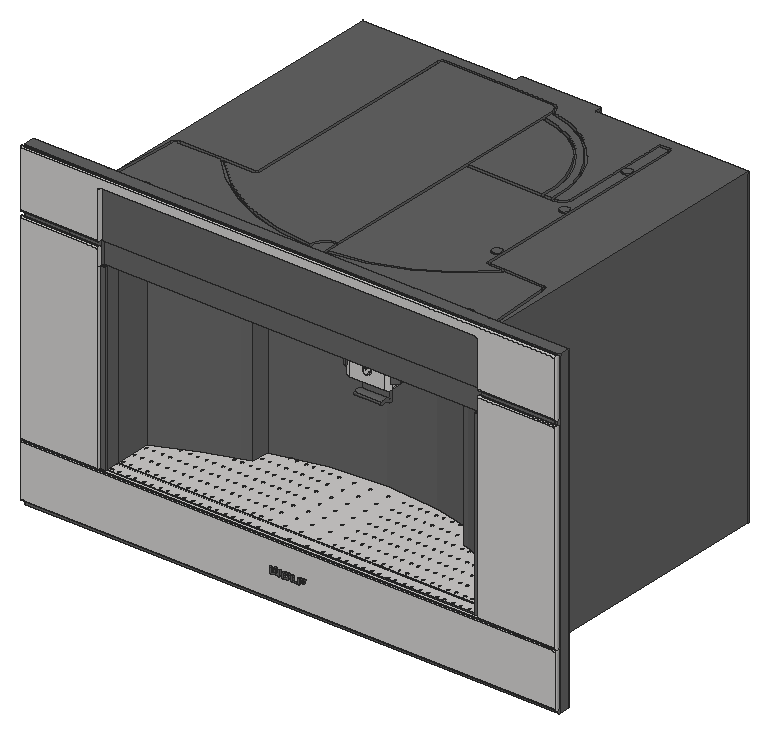
Revit family "EC3050TM", category Specialty Equipment, Revit 2017
Family settings
  Round Connector Dimension = Use Diameter
  Part Type = Normal
  OmniClass Number = 23.40.40.11.21
  OmniClass Title = Hot Cabinets
  Work Plane-Based = No
  Always vertical = Yes
  Cut with Voids When Loaded = No
  Shared = No
  Room Calculation Point = No
Parameters (values of type "EC3050TM")
  URL = "http://www.yepsketch.com"
  Model = "EC3050TM"
  Manufacturer = "Subzero Wolf"
  Author = "Yepsketch"
  Assembly Code = "E1090320"
Reference planes (in)
  plane 1 "Center (Front/Back)": y = 0
  plane 2: z = 0
  plane 3 "Center (Left/Right)": x = 0
Forms (in)
  Extrusion 1, solid, material "Thermoplastic Resin"
    sketch origin (0, 0, 0) x (1, 0, 0) y (0, 1, 0)
      loop
        line (-10.56417, 11.49096) -> (-10.56417, -6.19009) -> (10.89149, -6.19009) -> (10.89149, 11.48176)
        arc (10.89149, 11.48176) -> (10.88186, 11.505) -> (10.85861, 11.51463) r 0.03287
        line (10.85861, 11.51463) -> (2.4247, 11.51463)
        arc (2.4247, 11.51463) -> (2.39736, 11.52596) -> (2.38603, 11.5533) r 0.03867
        line (2.38603, 11.5533) -> (2.38603, 11.83137)
        arc (2.38603, 11.83137) -> (2.36087, 11.89211) -> (2.30014, 11.91727) r 0.08589
        line (2.30014, 11.91727) -> (-2.01654, 11.91727)
        arc (-2.01654, 11.91727) -> (-2.04636, 11.90491) -> (-2.05872, 11.87508) r 0.04218
        line (-2.05872, 11.87508) -> (-2.05872, 11.54377)
        arc (-2.05872, 11.54377) -> (-2.06741, 11.5228) -> (-2.08838, 11.51412) r 0.02966
        line (-2.08838, 11.51412) -> (-10.54102, 11.51412)
        arc (-10.54102, 11.51412) -> (-10.55739, 11.50733) -> (-10.56417, 11.49096) r 0.02316
    from 0 to 17.50389
  Extrusion 2, solid
    sketch origin (0, 0, 0) x (1, 0, 0) y (0, 1, 0)
      loop
        arc (-14.69217, -6.15193) -> (-14.72116, -6.16394) -> (-14.73318, -6.19294) r 0.04101
        line (-14.73318, -6.19294) -> (-14.73318, -6.74089)
        arc (-14.73318, -6.74089) -> (-14.70711, -6.80383) -> (-14.64418, -6.82989) r 0.089
        line (-14.64418, -6.82989) -> (-12.16097, -6.82989) -> (-12.16097, -6.86238) -> (14.81081, -6.86238) -> (14.81081, -6.82989) -> (14.97149, -6.82989)
        arc (14.97149, -6.82989) -> (15.03442, -6.80383) -> (15.06049, -6.74089) r 0.089
        line (15.06049, -6.74089) -> (15.06049, -6.20194)
        arc (15.06049, -6.20194) -> (15.04584, -6.16657) -> (15.01047, -6.15193) r 0.05001
        line (15.01047, -6.15193) -> (-14.69217, -6.15193)
    from 0 to 17.89035
  Extrusion 3, solid, material "Stainless Steel, Brushed"
    sketch origin (0, 0, 0) x (0, 1, 0) y (0, 0, 1)
      loop
        line (-6.97925, 17.8877) -> (-6.97925, 17.92118) -> (-7.06177, 17.92118)
        arc (-7.06177, 17.92118) -> (-7.10666, 17.90259) -> (-7.12525, 17.8577) r 0.06348
        line (-7.12525, 17.8577) -> (-7.12525, 14.7687)
        arc (-7.12525, 14.7687) -> (-7.10768, 14.72628) -> (-7.06525, 14.7087) r 0.06
        line (-7.06525, 14.7087) -> (-6.97925, 14.7087) -> (-6.97925, 14.741)
        arc (-6.97925, 14.741) -> (-6.92582, 14.75199) -> (-6.88306, 14.78586) r 0.11786
        line (-6.88306, 14.78586) -> (-6.88306, 17.79151)
        arc (-6.88306, 17.79151) -> (-6.91124, 17.85953) -> (-6.97925, 17.8877) r 0.09619
    from -14.76984 to 15.10791
  Extrusion 4, solid, material "Stainless Steel, Brushed"
    sketch origin (0, 0, -3.4915) x (0, 1, 0) y (0, 0, 1)
      loop
        line (-6.97925, 17.8877) -> (-6.97925, 17.92118) -> (-7.06177, 17.92118)
        arc (-7.06177, 17.92118) -> (-7.10666, 17.90259) -> (-7.12525, 17.8577) r 0.06348
        line (-7.12525, 17.8577) -> (-7.12525, 6.86508)
        arc (-7.12525, 6.86508) -> (-7.10768, 6.82266) -> (-7.06525, 6.80508) r 0.06
        line (-7.06525, 6.80508) -> (-6.97925, 6.80508) -> (-6.97925, 6.83738)
        arc (-6.97925, 6.83738) -> (-6.92582, 6.84837) -> (-6.88306, 6.88224) r 0.11786
        line (-6.88306, 6.88224) -> (-6.88306, 17.79151)
        arc (-6.88306, 17.79151) -> (-6.91124, 17.85953) -> (-6.97925, 17.8877) r 0.09619
    from -14.76984 to 15.10791
  Extrusion 5, solid, material "Stainless Steel, Brushed"
    sketch origin (0, 0, -14.65955) x (0, 1, 0) y (0, 0, 1)
      loop
        line (-6.97925, 17.8877) -> (-6.97925, 17.92118) -> (-7.03893, 17.92118)
        arc (-7.03893, 17.92118) -> (-7.08382, 17.90259) -> (-7.10241, 17.8577) r 0.06348
        line (-7.10241, 17.8577) -> (-7.10241, 14.98643)
        arc (-7.10241, 14.98643) -> (-7.08484, 14.944) -> (-7.04241, 14.92643) r 0.06
        line (-7.04241, 14.92643) -> (-6.97925, 14.92643) -> (-6.97925, 14.95872)
        arc (-6.97925, 14.95872) -> (-6.92582, 14.96971) -> (-6.88306, 15.00358) r 0.11786
        line (-6.88306, 15.00358) -> (-6.88306, 17.79151)
        arc (-6.88306, 17.79151) -> (-6.91124, 17.85953) -> (-6.97925, 17.8877) r 0.09619
    from -14.76984 to 15.10791
  Extrusion 6, solid
    sketch origin (0, 0, 0) x (1, 0, 0) y (0, 0, 1)
      loop
        line (-0.78338, 1.93507) -> (-0.78338, 1.6486)
        arc (-0.78338, 1.6486) -> (-0.76479, 1.60964) -> (-0.7228, 1.59961) r 0.05011
        arc (-0.7228, 1.59961) -> (-0.61616, 1.62639) -> (-0.5079, 1.64558) r 1.55626
        arc (-0.5079, 1.64558) -> (-0.40084, 1.6278) -> (-0.2958, 1.60049) r 1.20968
        arc (-0.2958, 1.60049) -> (-0.25018, 1.60972) -> (-0.23318, 1.65304) r 0.04866
        line (-0.23318, 1.65304) -> (-0.23318, 1.93125)
        arc (-0.23318, 1.93125) -> (-0.31238, 1.89844) -> (-0.34519, 1.81924) r 0.11201
        line (-0.34519, 1.81924) -> (-0.34519, 1.70699)
        arc (-0.34519, 1.70699) -> (-0.35261, 1.68908) -> (-0.37053, 1.68166) r 0.02534
        arc (-0.37053, 1.68166) -> (-0.43864, 1.69691) -> (-0.5079, 1.70549) r 0.72005
        arc (-0.5079, 1.70549) -> (-0.57894, 1.69799) -> (-0.64803, 1.67986) r 0.47224
        arc (-0.64803, 1.67986) -> (-0.6643, 1.6866) -> (-0.67104, 1.70287) r 0.02301
        line (-0.67104, 1.70287) -> (-0.67104, 1.82273)
        arc (-0.67104, 1.82273) -> (-0.70394, 1.90217) -> (-0.78338, 1.93507) r 0.11235
      loop
        arc (-0.56557, 1.90748) -> (-0.5872, 1.89239) -> (-0.60229, 1.87076) r 0.07521
        arc (-0.60229, 1.87076) -> (-0.59345, 1.78059) -> (-0.51043, 1.74433) r 0.08951
        arc (-0.51043, 1.74433) -> (-0.47511, 1.76343) -> (-0.46243, 1.80153) r 0.05455
        arc (-0.46243, 1.80153) -> (-0.46214, 1.81803) -> (-0.45569, 1.83322) r 0.04323
        arc (-0.45569, 1.83322) -> (-0.43543, 1.81122) -> (-0.42883, 1.78205) r 0.05798
        arc (-0.42883, 1.78205) -> (-0.41536, 1.79598) -> (-0.40624, 1.81308) r 0.06974
        arc (-0.40624, 1.81308) -> (-0.4108, 1.85645) -> (-0.43391, 1.89342) r 0.09691
        line (-0.43391, 1.89342) -> (-0.45673, 1.91625)
        arc (-0.45673, 1.91625) -> (-0.47997, 1.95054) -> (-0.49449, 1.98935) r 0.17478
        arc (-0.49449, 1.98935) -> (-0.51379, 1.97221) -> (-0.52256, 1.94794) r 0.05234
        arc (-0.52256, 1.94794) -> (-0.5155, 1.91422) -> (-0.51539, 1.87978) r 0.16948
        arc (-0.51539, 1.87978) -> (-0.52642, 1.85392) -> (-0.55331, 1.8621) r 0.02104
        arc (-0.55331, 1.8621) -> (-0.56264, 1.88392) -> (-0.56557, 1.90748) r 0.08502
      loop
        line (-0.13714, 1.82707) -> (-0.13714, 1.70373)
        arc (-0.13714, 1.70373) -> (-0.09523, 1.61485) -> (0, 1.59063) r 0.1152
        line (0, 1.59063) -> (0.17151, 1.59063)
        arc (0.17151, 1.59063) -> (0.25662, 1.62589) -> (0.29188, 1.711) r 0.12037
        line (0.29188, 1.711) -> (0.29188, 1.81888)
        arc (0.29188, 1.81888) -> (0.25662, 1.90399) -> (0.17151, 1.93924) r 0.12037
        line (0.17151, 1.93924) -> (0, 1.93924)
        arc (0, 1.93924) -> (-0.09515, 1.91565) -> (-0.13714, 1.82707) r 0.11445
      loop
        arc (0.1346, 1.64398) -> (0.17192, 1.65944) -> (0.18738, 1.69676) r 0.05278
        line (0.18738, 1.69676) -> (0.18738, 1.83018)
        arc (0.18738, 1.83018) -> (0.17192, 1.8675) -> (0.1346, 1.88296) r 0.05278
        line (0.1346, 1.88296) -> (0.018, 1.88296)
        arc (0.018, 1.88296) -> (-0.02223, 1.86286) -> (-0.03032, 1.81862) r 0.05032
        line (-0.03032, 1.81862) -> (-0.03032, 1.71287)
        arc (-0.03032, 1.71287) -> (-0.01014, 1.66416) -> (0.03857, 1.64398) r 0.06889
        line (0.03857, 1.64398) -> (0.1346, 1.64398)
      loop
        arc (0.8275, 1.93924) -> (0.78371, 1.92111) -> (0.76557, 1.87732) r 0.06192
        line (0.76557, 1.87732) -> (0.76557, 1.65068)
        arc (0.76557, 1.65068) -> (0.8195, 1.59675) -> (0.87343, 1.65068) r 0.05393
        line (0.87343, 1.65068) -> (0.87343, 1.6847)
        arc (0.87343, 1.6847) -> (0.88527, 1.70013) -> (0.90382, 1.70598) r 0.03234
        line (0.90382, 1.70598) -> (1.06376, 1.70598)
        arc (1.06376, 1.70598) -> (1.09629, 1.73851) -> (1.06376, 1.77105) r 0.03253
        line (1.06376, 1.77105) -> (0.88126, 1.77105)
        arc (0.88126, 1.77105) -> (0.87349, 1.80451) -> (0.88126, 1.83797) r 0.07591
        line (0.88126, 1.83797) -> (1.06376, 1.83797)
        arc (1.06376, 1.83797) -> (1.13029, 1.86868) -> (1.15008, 1.93924) r 0.08743
        line (1.15008, 1.93924) -> (0.8275, 1.93924)
      loop
        arc (0.50305, 1.82698) -> (0.47017, 1.90636) -> (0.39079, 1.93924) r 0.11226
        line (0.39079, 1.93924) -> (0.39079, 1.65068)
        arc (0.39079, 1.65068) -> (0.40668, 1.61231) -> (0.44504, 1.59642) r 0.05425
        line (0.44504, 1.59642) -> (0.69605, 1.59642)
        arc (0.69605, 1.59642) -> (0.72741, 1.62779) -> (0.69605, 1.65915) r 0.03137
        line (0.69605, 1.65915) -> (0.5263, 1.65915)
        arc (0.5263, 1.65915) -> (0.50986, 1.66596) -> (0.50305, 1.6824) r 0.02324
        line (0.50305, 1.6824) -> (0.50305, 1.82698)
    from 6.89908 to 7.17238
  Extrusion 7, void
    sketch origin (0, 0, 0) x (1, 0, 0) y (0, 1, 0)
      loop
        line (10.43658, -6.97925) -> (10.43658, -4.12556)
        arc (10.43658, -4.12556) -> (0.17625, -1.55558) -> (-10.08408, -4.12556) r 21.76654
        line (-10.08408, -4.12556) -> (-10.08408, -6.97925) -> (-10.40918, -6.97925) -> (-10.40918, -7.47925) -> (10.73649, -7.47925) -> (10.73649, -6.97925) -> (10.43658, -6.97925)
    from 3.35827 to 13.44431
  Extrusion 8, void
    sketch origin (0, 0, 0) x (1, 0, 0) y (0, 0, 1)
      loop
        line (-10.37576, 14.42968) -> (10.76257, 14.42968) -> (10.76257, 17.14664)
        arc (10.76257, 17.14664) -> (10.68318, 17.33831) -> (10.49151, 17.4177) r 0.27107
        line (10.49151, 17.4177) -> (-10.25849, 17.4177)
        arc (-10.25849, 17.4177) -> (-10.34141, 17.38336) -> (-10.37576, 17.30044) r 0.11727
        line (-10.37576, 17.30044) -> (-10.37576, 14.42968)
    from 6.88333 to 8.03393
  Extrusion 9, void
    sketch origin (0, 0, 0) x (1, 0, 0) y (0, 0, 1)
      loop
        line (-10.37576, 14.69431) -> (-10.37576, 13.44431) -> (10.73649, 13.44431) -> (10.73649, 14.69431) -> (-10.37576, 14.69431)
    from 6.74661 to 8.42224
  Extrusion 10, void
    sketch origin (0, 0, 0) x (1, 0, 0) y (0, 1, 0)
      loop
        line (6.1621, -2.39482) -> (6.1621, -1.31974)
        arc (6.1621, -1.31974) -> (0.28683, -0.39574) -> (-5.58408, -1.3471) r 18.86171
        line (-5.58408, -1.3471) -> (-5.58408, -2.39482) -> (6.1621, -2.39482)
    from 3.35827 to 12.25674
  Extrusion 11, solid
    sketch origin (0, 0, 0) x (1, 0, 0) y (0, 0, 1)
      loop
        arc (-0.99053, 12.25674) -> (-1.04261, 12.23517) -> (-1.06418, 12.18309) r 0.07365
        line (-1.06418, 12.18309) -> (-1.06418, 9.0422)
        arc (-1.06418, 9.0422) -> (-1.05479, 8.99904) -> (-1.0211, 8.9705) r 0.06879
        line (-1.0211, 8.9705) -> (1.3753, 8.9705)
        arc (1.3753, 8.9705) -> (1.42013, 9.0049) -> (1.43713, 9.05879) r 0.09396
        line (1.43713, 9.05879) -> (1.43713, 12.16873)
        arc (1.43713, 12.16873) -> (1.42922, 12.22878) -> (1.3755, 12.25674) r 0.06558
        line (1.3755, 12.25674) -> (-0.99053, 12.25674)
    from 0.65833 to 1.62812
  Extrusion 12, void
    sketch origin (0, 0, 0) x (1, 0, 0) y (0, 1, 0)
      loop
        line (-0.75, -0.65833) -> (-0.75, -0.62266) -> (-1.11603, -0.62266) -> (-1.11603, -0.88277) -> (-1.08095, -0.88277)
        arc (-1.08095, -0.88277) -> (-0.95427, -0.71335) -> (-0.75, -0.65833) r 0.32374
    from 8.9705 to 12.25674
  Extrusion 13, void
    sketch origin (0, -2.28645, 0) x (1, 0, 0) y (0, 1, 0)
      loop
        arc (-0.75, 0.65833) -> (-0.95427, 0.71335) -> (-1.08095, 0.88277) r 0.32374
        line (-1.08095, 0.88277) -> (-1.11603, 0.88277) -> (-1.11603, 0.62266) -> (-0.75, 0.62266) -> (-0.75, 0.65833)
    from 8.9705 to 12.25674
  Extrusion 14, void
    sketch origin (0.36435, 0, 0) x (-1, 0, 0) y (0, -1, 0)
      loop
        arc (-0.75, 0.65833) -> (-0.95427, 0.71335) -> (-1.08095, 0.88277) r 0.32374
        line (-1.08095, 0.88277) -> (-1.11603, 0.88277) -> (-1.11603, 0.62266) -> (-0.75, 0.62266) -> (-0.75, 0.65833)
    from 8.9705 to 12.25674
  Extrusion 15, void
    sketch origin (0.36435, -2.28645, 0) x (-1, 0, 0) y (0, -1, 0)
      loop
        line (-0.75, -0.65833) -> (-0.75, -0.62266) -> (-1.11603, -0.62266) -> (-1.11603, -0.88277) -> (-1.08095, -0.88277)
        arc (-1.08095, -0.88277) -> (-0.95427, -0.71335) -> (-0.75, -0.65833) r 0.32374
    from 8.9705 to 12.25674
  Extrusion 16, void
    sketch origin (0, 0, 0) x (1, 0, 0) y (0, 0, 1)
      loop
        arc (0.20907, 9.90188) -> (0.17042, 9.85411) -> (0.16908, 9.79268) r 0.09502
        arc (0.16908, 9.79268) -> (0.18215, 9.72731) -> (0.18063, 9.66066) r 0.30348
        arc (0.18063, 9.66066) -> (0.14266, 9.61745) -> (0.08817, 9.63589) r 0.05184
        arc (0.08817, 9.63589) -> (0.07317, 9.68429) -> (0.06832, 9.73474) r 0.248
        arc (0.06832, 9.73474) -> (0.03117, 9.70357) -> (0, 9.66642) r 0.27811
        arc (0, 9.66642) -> (-0.03214, 9.56447) -> (0, 9.46251) r 0.17777
        arc (0, 9.46251) -> (0.08156, 9.39864) -> (0.18488, 9.39109) r 0.17777
        arc (0.18488, 9.39109) -> (0.26455, 9.44662) -> (0.28288, 9.54199) r 0.12895
        arc (0.28288, 9.54199) -> (0.28669, 9.5608) -> (0.30015, 9.57448) r 0.03369
        arc (0.30015, 9.57448) -> (0.34555, 9.53065) -> (0.36081, 9.46941) r 0.11445
        arc (0.36081, 9.46941) -> (0.40365, 9.53676) -> (0.39744, 9.61633) r 0.12602
        arc (0.39744, 9.61633) -> (0.3554, 9.68927) -> (0.29688, 9.74979) r 0.34354
        arc (0.29688, 9.74979) -> (0.24434, 9.82085) -> (0.20907, 9.90188) r 0.39184
      loop
        arc (0.31058, 9.76443) -> (0.25569, 9.84161) -> (0.22208, 9.93015) r 0.37184
        arc (0.22208, 9.93015) -> (0.15685, 9.87305) -> (0.15001, 9.78663) r 0.11502
        arc (0.15001, 9.78663) -> (0.16222, 9.72557) -> (0.1608, 9.66331) r 0.28348
        arc (0.1608, 9.66331) -> (0.13859, 9.63709) -> (0.10548, 9.64632) r 0.03184
        arc (0.10548, 9.64632) -> (0.08968, 9.70824) -> (0.09167, 9.77212) r 0.228
        arc (0.09167, 9.77212) -> (0.0319, 9.7316) -> (-0.01638, 9.67789) r 0.29811
        arc (-0.01638, 9.67789) -> (-0.05214, 9.56447) -> (-0.01638, 9.45104) r 0.19777
        arc (-0.01638, 9.45104) -> (0.07435, 9.37999) -> (0.1893, 9.37158) r 0.19777
        arc (0.1893, 9.37158) -> (0.28248, 9.43754) -> (0.3016, 9.55009) r 0.14895
        arc (0.3016, 9.55009) -> (0.33835, 9.49516) -> (0.3301, 9.42959) r 0.09445
        arc (0.3301, 9.42959) -> (0.41499, 9.50834) -> (0.41586, 9.62412) r 0.14602
        arc (0.41586, 9.62412) -> (0.37181, 9.70072) -> (0.31058, 9.76443) r 0.36354
    from 1.60848 to 1.62812
  Extrusion 17, solid
    sketch origin (0, 0, 0) x (1, 0, 0) y (0, 1, 0)
      loop
        line (-1.0654, -1.51266) -> (-1.0654, -0.77485)
        arc (-1.0654, -0.77485) -> (-1.38347, -1.14376) -> (-1.0654, -1.51266) r 0.37297
      loop
        arc (1.43713, -1.51224) -> (1.75242, -1.14376) -> (1.43713, -0.77528) r 0.37297
        line (1.43713, -0.77528) -> (1.43713, -1.51224)
    from 9.34198 to 12.25674
  Extrusion 18, solid
    sketch origin (0, 0, 0) x (1, 0, 0) y (0, 0, 1)
      loop
        line (3.63763, 12.25674) -> (1.80142, 12.25674) -> (1.80142, 10.28113)
        arc (1.80142, 10.28113) -> (1.8242, 10.22611) -> (1.87922, 10.20332) r 0.0778
        line (1.87922, 10.20332) -> (2.88062, 10.20332) -> (2.88062, 11.77288)
        arc (2.88062, 11.77288) -> (2.9035, 11.8281) -> (2.95872, 11.85098) r 0.07809
        line (2.95872, 11.85098) -> (3.56601, 11.85098)
        arc (3.56601, 11.85098) -> (3.61666, 11.87195) -> (3.63763, 11.9226) r 0.07162
        line (3.63763, 11.9226) -> (3.63763, 12.25674)
    from 0.44984 to 0.7314
  Extrusion 19, solid
    sketch origin (0, 0, 0) x (1, 0, 0) y (0, 0, 1)
      loop
        line (3.09625, 12.25674) -> (2.0222, 12.25674) -> (2.0222, 11.90363)
        arc (2.0222, 11.90363) -> (2.07285, 11.8872) -> (2.12476, 11.8754) r 0.59081
        line (2.12476, 11.8754) -> (2.12476, 10.64971)
        arc (2.12476, 10.64971) -> (2.15218, 10.58351) -> (2.21839, 10.55608) r 0.09363
        line (2.21839, 10.55608) -> (2.54973, 10.55608)
        arc (2.54973, 10.55608) -> (2.60515, 10.57904) -> (2.62811, 10.63446) r 0.07838
        line (2.62811, 10.63446) -> (2.62811, 11.83337)
        arc (2.62811, 11.83337) -> (2.66624, 11.87122) -> (2.71815, 11.88506) r 0.10427
        line (2.71815, 11.88506) -> (3.03833, 11.88506)
        arc (3.03833, 11.88506) -> (3.07929, 11.90203) -> (3.09625, 11.94298) r 0.05792
        line (3.09625, 11.94298) -> (3.09625, 12.25674)
    from 0.7314 to 0.80308
  Extrusion 20, solid
    sketch origin (0, 0, 0) x (1, 0, 0) y (0, 0, 1)
      loop
        arc (2.08069, 11.26495) -> (2.13805, 11.08842) -> (2.28823, 10.97934) r 0.30029
        line (2.28823, 10.97934) -> (2.48346, 10.97934)
        arc (2.48346, 10.97934) -> (2.63358, 11.08845) -> (2.69092, 11.26495) r 0.30032
        line (2.69092, 11.26495) -> (2.69092, 11.83379)
        arc (2.69092, 11.83379) -> (2.63433, 11.97041) -> (2.49771, 12.027) r 0.19321
        line (2.49771, 12.027) -> (2.28515, 12.027)
        arc (2.28515, 12.027) -> (2.13688, 11.91323) -> (2.08069, 11.73499) r 0.31075
        line (2.08069, 11.73499) -> (2.08069, 11.26495)
    from 0.80308 to 0.83889
  Extrusion 21, solid
    sketch origin (0, 0, 0) x (1, 0, 0) y (0, 0, 1)
      loop
        arc (2.28823, 10.98856) -> (2.29476, 10.9728) -> (2.31052, 10.96626) r 0.0223
        line (2.31052, 10.96626) -> (2.46109, 10.96626)
        arc (2.46109, 10.96626) -> (2.47693, 10.97126) -> (2.48705, 10.98444) r 0.02762
        line (2.48705, 10.98444) -> (2.48705, 12.22934)
        arc (2.48705, 12.22934) -> (2.47778, 12.24362) -> (2.46169, 12.24916) r 0.02613
        line (2.46169, 12.24916) -> (2.31653, 12.24916)
        arc (2.31653, 12.24916) -> (2.29929, 12.24366) -> (2.28823, 12.22934) r 0.03043
        line (2.28823, 12.22934) -> (2.28823, 10.98856)
    from 0.83889 to 0.89472
  Extrusion 22, solid
    sketch origin (0, 0, 0) x (0, 1, 0) y (0, 0, 1)
      loop
        line (-0.84436, 8.9705) -> (-0.99436, 8.9705) -> (-0.99436, 8.19369)
        arc (-0.99436, 8.19369) -> (-1.26723, 8.29577) -> (-1.55106, 8.23005) r 0.50472
        arc (-1.55106, 8.23005) -> (-1.57884, 8.12769) -> (-1.47648, 8.0999) r 0.075
        arc (-1.47648, 8.0999) -> (-1.20832, 8.13476) -> (-0.99352, 7.9705) r 0.35472
        line (-0.99352, 7.9705) -> (-0.84436, 7.9705) -> (-0.84436, 8.9705)
    from -0.57 to 0.94415
  Extrusion 23, solid
    sketch origin (0, 0, 0) x (1, 0, 0) y (0, 1, 0)
      loop
        circle (-0.4373, -1.08937) r 0.02
      loop
        circle (0.82051, -1.08937) r 0.02
    from 8.77454 to 9.01713
  Extrusion 24, void
    sketch origin (0, 0, 0) x (1, 0, 0) y (0, 1, 0)
      loop
        circle (-9.90171, -6.74661) r 0.06
      loop
        circle (-9.49728, -6.74661) r 0.06
      loop
        circle (-8.99728, -6.74661) r 0.06
      loop
        circle (-8.59285, -6.74661) r 0.06
      loop
        circle (-8.09285, -6.74661) r 0.06
      loop
        circle (-7.68843, -6.74661) r 0.06
      loop
        circle (-7.18843, -6.74661) r 0.06
      loop
        circle (-6.784, -6.74661) r 0.06
      loop
        circle (-6.284, -6.74661) r 0.06
      loop
        circle (-5.87957, -6.74661) r 0.06
      loop
        circle (-5.37957, -6.74661) r 0.06
      loop
        circle (-4.97515, -6.74661) r 0.06
      loop
        circle (-4.47515, -6.74661) r 0.06
      loop
        circle (-4.07072, -6.74661) r 0.06
      loop
        circle (-3.57072, -6.74661) r 0.06
      loop
        circle (-3.1663, -6.74661) r 0.06
      loop
        circle (-2.6663, -6.74661) r 0.06
      loop
        circle (-2.26187, -6.74661) r 0.06
      loop
        circle (-1.76187, -6.74661) r 0.06
      loop
        circle (1.84829, -6.74661) r 0.06
      loop
        circle (2.25272, -6.74661) r 0.06
      loop
        circle (2.75272, -6.74661) r 0.06
      loop
        circle (3.15715, -6.74661) r 0.06
      loop
        circle (3.65715, -6.74661) r 0.06
      loop
        circle (4.06157, -6.74661) r 0.06
      loop
        circle (4.56157, -6.74661) r 0.06
      loop
        circle (4.966, -6.74661) r 0.06
      loop
        circle (5.466, -6.74661) r 0.06
      loop
        circle (5.87043, -6.74661) r 0.06
      loop
        circle (6.37043, -6.74661) r 0.06
      loop
        circle (6.77485, -6.74661) r 0.06
      loop
        circle (7.27485, -6.74661) r 0.06
      loop
        circle (7.67928, -6.74661) r 0.06
      loop
        circle (8.17928, -6.74661) r 0.06
      loop
        circle (8.5837, -6.74661) r 0.06
      loop
        circle (9.0837, -6.74661) r 0.06
      loop
        circle (9.48813, -6.74661) r 0.06
      loop
        circle (9.98813, -6.74661) r 0.06
      loop
        circle (-0.03032, -6.74661) r 0.06
      loop
        circle (0.96968, -6.74661) r 0.06
      loop
        circle (-0.90645, -6.74661) r 0.06
    from 3.16504 to 3.46811
  Extrusion 25, void
    sketch origin (0, 0.8, 0) x (1, 0, 0) y (0, 1, 0)
      loop
        circle (-9.90171, -6.74661) r 0.06
      loop
        circle (-9.49728, -6.74661) r 0.06
      loop
        circle (-8.99728, -6.74661) r 0.06
      loop
        circle (-8.59285, -6.74661) r 0.06
      loop
        circle (-8.09285, -6.74661) r 0.06
      loop
        circle (-7.68843, -6.74661) r 0.06
      loop
        circle (-7.18843, -6.74661) r 0.06
      loop
        circle (-6.784, -6.74661) r 0.06
      loop
        circle (-6.284, -6.74661) r 0.06
      loop
        circle (-5.87957, -6.74661) r 0.06
      loop
        circle (-5.37957, -6.74661) r 0.06
      loop
        circle (-4.97515, -6.74661) r 0.06
      loop
        circle (-4.47515, -6.74661) r 0.06
      loop
        circle (-4.07072, -6.74661) r 0.06
      loop
        circle (-3.57072, -6.74661) r 0.06
      loop
        circle (-3.1663, -6.74661) r 0.06
      loop
        circle (-2.6663, -6.74661) r 0.06
      loop
        circle (-2.26187, -6.74661) r 0.06
      loop
        circle (-1.76187, -6.74661) r 0.06
      loop
        circle (1.84829, -6.74661) r 0.06
      loop
        circle (2.25272, -6.74661) r 0.06
      loop
        circle (2.75272, -6.74661) r 0.06
      loop
        circle (3.15715, -6.74661) r 0.06
      loop
        circle (3.65715, -6.74661) r 0.06
      loop
        circle (4.06157, -6.74661) r 0.06
      loop
        circle (4.56157, -6.74661) r 0.06
      loop
        circle (4.966, -6.74661) r 0.06
      loop
        circle (5.466, -6.74661) r 0.06
      loop
        circle (5.87043, -6.74661) r 0.06
      loop
        circle (6.37043, -6.74661) r 0.06
      loop
        circle (6.77485, -6.74661) r 0.06
      loop
        circle (7.27485, -6.74661) r 0.06
      loop
        circle (7.67928, -6.74661) r 0.06
      loop
        circle (8.17928, -6.74661) r 0.06
      loop
        circle (8.5837, -6.74661) r 0.06
      loop
        circle (9.0837, -6.74661) r 0.06
      loop
        circle (9.48813, -6.74661) r 0.06
      loop
        circle (9.98813, -6.74661) r 0.06
      loop
        circle (-0.03032, -6.74661) r 0.06
      loop
        circle (0.96968, -6.74661) r 0.06
      loop
        circle (-0.90645, -6.74661) r 0.06
    from 3.16504 to 3.46811
  Extrusion 26, void
    sketch origin (0, 1.6, 0) x (1, 0, 0) y (0, 1, 0)
      loop
        circle (-9.90171, -6.74661) r 0.06
      loop
        circle (-9.49728, -6.74661) r 0.06
      loop
        circle (-8.99728, -6.74661) r 0.06
      loop
        circle (-8.59285, -6.74661) r 0.06
      loop
        circle (-8.09285, -6.74661) r 0.06
      loop
        circle (-7.68843, -6.74661) r 0.06
      loop
        circle (-7.18843, -6.74661) r 0.06
      loop
        circle (-6.784, -6.74661) r 0.06
      loop
        circle (-6.284, -6.74661) r 0.06
      loop
        circle (-5.87957, -6.74661) r 0.06
      loop
        circle (-5.37957, -6.74661) r 0.06
      loop
        circle (-4.97515, -6.74661) r 0.06
      loop
        circle (-4.47515, -6.74661) r 0.06
      loop
        circle (-4.07072, -6.74661) r 0.06
      loop
        circle (-3.57072, -6.74661) r 0.06
      loop
        circle (-3.1663, -6.74661) r 0.06
      loop
        circle (-2.6663, -6.74661) r 0.06
      loop
        circle (-2.26187, -6.74661) r 0.06
      loop
        circle (-1.76187, -6.74661) r 0.06
      loop
        circle (1.84829, -6.74661) r 0.06
      loop
        circle (2.25272, -6.74661) r 0.06
      loop
        circle (2.75272, -6.74661) r 0.06
      loop
        circle (3.15715, -6.74661) r 0.06
      loop
        circle (3.65715, -6.74661) r 0.06
      loop
        circle (4.06157, -6.74661) r 0.06
      loop
        circle (4.56157, -6.74661) r 0.06
      loop
        circle (4.966, -6.74661) r 0.06
      loop
        circle (5.466, -6.74661) r 0.06
      loop
        circle (5.87043, -6.74661) r 0.06
      loop
        circle (6.37043, -6.74661) r 0.06
      loop
        circle (6.77485, -6.74661) r 0.06
      loop
        circle (7.27485, -6.74661) r 0.06
      loop
        circle (7.67928, -6.74661) r 0.06
      loop
        circle (8.17928, -6.74661) r 0.06
      loop
        circle (8.5837, -6.74661) r 0.06
      loop
        circle (9.0837, -6.74661) r 0.06
      loop
        circle (9.48813, -6.74661) r 0.06
      loop
        circle (9.98813, -6.74661) r 0.06
      loop
        circle (-0.03032, -6.74661) r 0.06
      loop
        circle (0.96968, -6.74661) r 0.06
      loop
        circle (-0.90645, -6.74661) r 0.06
    from 3.16504 to 3.46811
  Extrusion 27, void
    sketch origin (0, 2.4, 0) x (1, 0, 0) y (0, 1, 0)
      loop
        circle (-9.90171, -6.74661) r 0.06
      loop
        circle (-9.49728, -6.74661) r 0.06
      loop
        circle (-8.99728, -6.74661) r 0.06
      loop
        circle (-8.59285, -6.74661) r 0.06
      loop
        circle (-8.09285, -6.74661) r 0.06
      loop
        circle (-7.68843, -6.74661) r 0.06
      loop
        circle (-7.18843, -6.74661) r 0.06
      loop
        circle (-6.784, -6.74661) r 0.06
      loop
        circle (-6.284, -6.74661) r 0.06
      loop
        circle (-5.87957, -6.74661) r 0.06
      loop
        circle (-5.37957, -6.74661) r 0.06
      loop
        circle (-4.97515, -6.74661) r 0.06
      loop
        circle (-4.47515, -6.74661) r 0.06
      loop
        circle (-4.07072, -6.74661) r 0.06
      loop
        circle (-3.57072, -6.74661) r 0.06
      loop
        circle (-3.1663, -6.74661) r 0.06
      loop
        circle (-2.6663, -6.74661) r 0.06
      loop
        circle (-2.26187, -6.74661) r 0.06
      loop
        circle (-1.76187, -6.74661) r 0.06
      loop
        circle (1.84829, -6.74661) r 0.06
      loop
        circle (2.25272, -6.74661) r 0.06
      loop
        circle (2.75272, -6.74661) r 0.06
      loop
        circle (3.15715, -6.74661) r 0.06
      loop
        circle (3.65715, -6.74661) r 0.06
      loop
        circle (4.06157, -6.74661) r 0.06
      loop
        circle (4.56157, -6.74661) r 0.06
      loop
        circle (4.966, -6.74661) r 0.06
      loop
        circle (5.466, -6.74661) r 0.06
      loop
        circle (5.87043, -6.74661) r 0.06
      loop
        circle (6.37043, -6.74661) r 0.06
      loop
        circle (6.77485, -6.74661) r 0.06
      loop
        circle (7.27485, -6.74661) r 0.06
      loop
        circle (7.67928, -6.74661) r 0.06
      loop
        circle (8.17928, -6.74661) r 0.06
      loop
        circle (8.5837, -6.74661) r 0.06
      loop
        circle (9.0837, -6.74661) r 0.06
      loop
        circle (9.48813, -6.74661) r 0.06
      loop
        circle (9.98813, -6.74661) r 0.06
      loop
        circle (-0.03032, -6.74661) r 0.06
      loop
        circle (0.96968, -6.74661) r 0.06
      loop
        circle (-0.90645, -6.74661) r 0.06
    from 3.16504 to 3.46811
  Extrusion 28, void
    sketch origin (0, 3.2, 0) x (1, 0, 0) y (0, 1, 0)
      loop
        circle (-8.59285, -6.74661) r 0.06
      loop
        circle (-8.09285, -6.74661) r 0.06
      loop
        circle (-7.68843, -6.74661) r 0.06
      loop
        circle (-7.18843, -6.74661) r 0.06
      loop
        circle (-6.784, -6.74661) r 0.06
      loop
        circle (-6.284, -6.74661) r 0.06
      loop
        circle (-5.87957, -6.74661) r 0.06
      loop
        circle (-5.37957, -6.74661) r 0.06
      loop
        circle (-4.97515, -6.74661) r 0.06
      loop
        circle (-4.47515, -6.74661) r 0.06
      loop
        circle (-4.07072, -6.74661) r 0.06
      loop
        circle (-3.57072, -6.74661) r 0.06
      loop
        circle (-3.1663, -6.74661) r 0.06
      loop
        circle (-2.6663, -6.74661) r 0.06
      loop
        circle (-2.26187, -6.74661) r 0.06
      loop
        circle (-1.76187, -6.74661) r 0.06
      loop
        circle (1.84829, -6.74661) r 0.06
      loop
        circle (2.25272, -6.74661) r 0.06
      loop
        circle (2.75272, -6.74661) r 0.06
      loop
        circle (3.15715, -6.74661) r 0.06
      loop
        circle (3.65715, -6.74661) r 0.06
      loop
        circle (4.06157, -6.74661) r 0.06
      loop
        circle (4.56157, -6.74661) r 0.06
      loop
        circle (4.966, -6.74661) r 0.06
      loop
        circle (5.466, -6.74661) r 0.06
      loop
        circle (5.87043, -6.74661) r 0.06
      loop
        circle (6.37043, -6.74661) r 0.06
      loop
        circle (6.77485, -6.74661) r 0.06
      loop
        circle (7.27485, -6.74661) r 0.06
      loop
        circle (7.67928, -6.74661) r 0.06
      loop
        circle (8.17928, -6.74661) r 0.06
      loop
        circle (8.5837, -6.74661) r 0.06
      loop
        circle (-0.03032, -6.74661) r 0.06
      loop
        circle (0.96968, -6.74661) r 0.06
      loop
        circle (-0.90645, -6.74661) r 0.06
    from 3.16504 to 3.46811
  Extrusion 29, void
    sketch origin (0, 4, 0) x (1, 0, 0) y (0, 1, 0)
      loop
        circle (-6.284, -6.74661) r 0.06
      loop
        circle (-5.87957, -6.74661) r 0.06
      loop
        circle (-5.37957, -6.74661) r 0.06
      loop
        circle (-4.97515, -6.74661) r 0.06
      loop
        circle (-4.47515, -6.74661) r 0.06
      loop
        circle (-4.07072, -6.74661) r 0.06
      loop
        circle (-3.57072, -6.74661) r 0.06
      loop
        circle (-3.1663, -6.74661) r 0.06
      loop
        circle (-2.6663, -6.74661) r 0.06
      loop
        circle (-2.26187, -6.74661) r 0.06
      loop
        circle (-1.76187, -6.74661) r 0.06
      loop
        circle (1.84829, -6.74661) r 0.06
      loop
        circle (2.25272, -6.74661) r 0.06
      loop
        circle (2.75272, -6.74661) r 0.06
      loop
        circle (3.15715, -6.74661) r 0.06
      loop
        circle (3.65715, -6.74661) r 0.06
      loop
        circle (4.06157, -6.74661) r 0.06
      loop
        circle (4.56157, -6.74661) r 0.06
      loop
        circle (4.966, -6.74661) r 0.06
      loop
        circle (5.466, -6.74661) r 0.06
      loop
        circle (5.87043, -6.74661) r 0.06
      loop
        circle (6.37043, -6.74661) r 0.06
      loop
        circle (6.77485, -6.74661) r 0.06
      loop
        circle (-0.03032, -6.74661) r 0.06
      loop
        circle (0.96968, -6.74661) r 0.06
      loop
        circle (-0.90645, -6.74661) r 0.06
    from 3.16504 to 3.46811
  Extrusion 30, void
    sketch origin (0, 5.6, 0) x (1, 0, 0) y (0, 1, 0)
      loop
        circle (-4.47515, -6.74661) r 0.06
      loop
        circle (-4.07072, -6.74661) r 0.06
      loop
        circle (-3.57072, -6.74661) r 0.06
      loop
        circle (-3.1663, -6.74661) r 0.06
      loop
        circle (-2.6663, -6.74661) r 0.06
      loop
        circle (-2.26187, -6.74661) r 0.06
      loop
        circle (-1.76187, -6.74661) r 0.06
      loop
        circle (1.84829, -6.74661) r 0.06
      loop
        circle (2.25272, -6.74661) r 0.06
      loop
        circle (2.75272, -6.74661) r 0.06
      loop
        circle (3.15715, -6.74661) r 0.06
      loop
        circle (3.65715, -6.74661) r 0.06
      loop
        circle (4.06157, -6.74661) r 0.06
      loop
        circle (4.56157, -6.74661) r 0.06
      loop
        circle (4.966, -6.74661) r 0.06
      loop
        circle (-0.03032, -6.74661) r 0.06
      loop
        circle (0.96968, -6.74661) r 0.06
      loop
        circle (-0.90645, -6.74661) r 0.06
    from 3.16504 to 3.35827
  Extrusion 31, void
    sketch origin (0, 0, 0) x (1, 0, 0) y (0, 1, 0)
      loop
        line (-10.43787, -6.18224) -> (-10.2246, -2.11267)
        arc (-10.2246, -2.11267) -> (-10.18568, -2.01872) -> (-10.09172, -1.9798) r 0.13288
        line (-10.09172, -1.9798) -> (-7.70905, -1.9798)
        arc (-7.70905, -1.9798) -> (-4.13432, -4.64214) -> (0.22503, -5.57102) r 10.44095
        arc (0.22503, -5.57102) -> (0.3618, -4.98489) -> (0.90448, -4.72462) r 0.69592
        line (0.90448, -4.72462) -> (0.90448, -5.54347)
        arc (0.90448, -5.54347) -> (4.87961, -4.51122) -> (8.16241, -2.04335) r 10.58274
        line (8.16241, -2.04335) -> (10.23484, -2.12901)
        arc (10.23484, -2.12901) -> (10.3579, -2.17998) -> (10.40887, -2.30304) r 0.17403
        line (10.40887, -2.30304) -> (10.61258, -6.19009) -> (10.76279, -6.19009) -> (10.55884, -2.29851)
        arc (10.55884, -2.29851) -> (10.46362, -2.07358) -> (10.23841, -1.97903) r 0.32403
        line (10.23841, -1.97903) -> (7.97338, -1.8854) -> (7.27463, -1.85652)
        arc (7.27463, -1.85652) -> (7.22184, -1.83608) -> (7.19977, -1.78395) r 0.07261
        line (7.19977, -1.78395) -> (7.19977, 10.66415)
        arc (7.19977, 10.66415) -> (7.10977, 10.88142) -> (6.8925, 10.97141) r 0.30726
        line (6.8925, 10.97141) -> (6.37337, 10.97141) -> (6.37337, 4.72138)
        arc (6.37337, 4.72138) -> (6.26198, 4.45244) -> (5.99304, 4.34105) r 0.38033
        line (5.99304, 4.34105) -> (5.84971, 4.34105)
        arc (5.84971, 4.34105) -> (4.58305, 8.23524) -> (1.05448, 10.31332) r 5.78094
        arc (1.05448, 10.31332) -> (0.86854, 10.76223) -> (0.41963, 10.94817) r 0.63485
        line (0.41963, 10.94817) -> (-5.48194, 10.94817)
        arc (-5.48194, 10.94817) -> (-5.6803, 10.86601) -> (-5.76246, 10.66765) r 0.28052
        line (-5.76246, 10.66765) -> (-5.76246, -1.76267)
        arc (-5.76246, -1.76267) -> (-5.78212, -1.81014) -> (-5.82959, -1.8298) r 0.06713
        line (-5.82959, -1.8298) -> (-10.09172, -1.8298)
        arc (-10.09172, -1.8298) -> (-10.29009, -1.91101) -> (-10.37456, -2.10801) r 0.28288
        line (-10.37456, -2.10801) -> (-10.58808, -6.18224) -> (-10.43787, -6.18224)
      loop
        line (-5.82959, -1.9798) -> (-7.5092, -1.9798)
        arc (-7.5092, -1.9798) -> (-4.08822, -4.49834) -> (0.05857, -5.42054) r 10.29095
        arc (0.05857, -5.42054) -> (0.30633, -4.82239) -> (0.90448, -4.57462) r 0.84592
        line (0.90448, -4.57462) -> (0.90448, 10.31332)
        arc (0.90448, 10.31332) -> (0.76247, 10.65617) -> (0.41963, 10.79817) r 0.48485
        line (0.41963, 10.79817) -> (-5.48194, 10.79817)
        arc (-5.48194, 10.79817) -> (-5.57423, 10.75995) -> (-5.61246, 10.66765) r 0.13052
        line (-5.61246, 10.66765) -> (-5.61246, -1.76267)
        arc (-5.61246, -1.76267) -> (-5.67606, -1.9162) -> (-5.82959, -1.9798) r 0.21713
      loop
        line (1.05448, 10.16106) -> (1.05448, 9.67825)
        arc (1.05448, 9.67825) -> (4.25606, 7.86743) -> (5.3019, 4.34105) r 4.91066
        line (5.3019, 4.34105) -> (5.69953, 4.34105)
        arc (5.69953, 4.34105) -> (4.47637, 8.12847) -> (1.05448, 10.16106) r 5.63094
      loop
        line (-6.192, -6.19009) -> (-6.192, -6.01085) -> (-5.98145, -5.80031) -> (6.26855, -5.80031) -> (6.42878, -5.96055) -> (6.42878, -6.19009) -> (6.57878, -6.19009) -> (6.57878, -5.89841) -> (6.33068, -5.65031) -> (-6.04359, -5.65031) -> (-6.342, -5.94872) -> (-6.342, -6.19009) -> (-6.192, -6.19009)
      loop
        arc (1.05448, -5.38317) -> (4.83014, -4.36852) -> (7.96719, -2.03528) r 10.43274
        line (7.96719, -2.03528) -> (7.27237, -2.00656)
        arc (7.27237, -2.00656) -> (7.11497, -1.94136) -> (7.04977, -1.78395) r 0.22261
        line (7.04977, -1.78395) -> (7.04977, 10.66415)
        arc (7.04977, 10.66415) -> (7.00371, 10.77535) -> (6.8925, 10.82141) r 0.15726
        line (6.8925, 10.82141) -> (6.52337, 10.82141) -> (6.52337, 4.72138)
        arc (6.52337, 4.72138) -> (6.36804, 4.34638) -> (5.99304, 4.19105) r 0.53033
        line (5.99304, 4.19105) -> (1.05448, 4.19105) -> (1.05448, -5.38317)
      loop
        arc (5.15119, 4.34105) -> (4.14929, 7.76065) -> (1.05448, 9.52691) r 4.76066
        line (1.05448, 9.52691) -> (1.05448, 4.34105) -> (5.15119, 4.34105)
    from 17.3627 to 19.56477
  Extrusion 32, solid
    sketch origin (0, 0, 0) x (1, 0, 0) y (0, 1, 0)
      loop
        circle (-8.82536, -5.84299) r 0.25
      loop
        circle (9.17464, -5.84299) r 0.25
      loop
        circle (6.78502, -0.84299) r 0.25
      loop
        circle (6.78502, 3.84451) r 0.25
      loop
        circle (6.78502, 8.19454) r 0.25
    from 17.46658 to 17.52551
  Sweep 33, void
    path origin (0, 0, 0) x (1, 0, 0) y (0, 0, 1)
      loop
        line (-14.76984, 0.26688) -> (-14.76984, 17.92118)
    profile origin (-14.76984, 0, 9.09403) x (-1, 0, 0) y (0, -1, 0)
      loop
        line (-0.0981, 6.87236) -> (0.07449, 6.87236) -> (0.07449, 7.13442) -> (-0.08802, 7.13442)
        arc (-0.08802, 7.13442) -> (-0.01402, 7.00035) -> (-0.0981, 6.87236) r 0.14824
  Sweep 34, void
    path origin (0.34311, 0, 0) x (-1, 0, 0) y (0, 0, 1)
      loop
        line (-14.76984, 0.26688) -> (-14.76984, 17.92118)
    profile origin (15.11295, 0, 9.09403) x (-1, 0, 0) y (0, -1, 0)
      loop
        arc (0.0981, 6.87236) -> (0.01402, 7.00035) -> (0.08802, 7.13442) r 0.14824
        line (0.08802, 7.13442) -> (-0.07449, 7.13442) -> (-0.07449, 6.87236) -> (0.0981, 6.87236)
  Extrusion 35, void
    sketch origin (0, 4.8, 0) x (1, 0, 0) y (0, 1, 0)
      loop
        circle (-5.37957, -6.74661) r 0.06
      loop
        circle (-4.97515, -6.74661) r 0.06
      loop
        circle (-4.47515, -6.74661) r 0.06
      loop
        circle (-4.07072, -6.74661) r 0.06
      loop
        circle (-3.57072, -6.74661) r 0.06
      loop
        circle (-3.1663, -6.74661) r 0.06
      loop
        circle (-2.6663, -6.74661) r 0.06
      loop
        circle (-2.26187, -6.74661) r 0.06
      loop
        circle (-1.76187, -6.74661) r 0.06
      loop
        circle (1.84829, -6.74661) r 0.06
      loop
        circle (2.25272, -6.74661) r 0.06
      loop
        circle (2.75272, -6.74661) r 0.06
      loop
        circle (3.15715, -6.74661) r 0.06
      loop
        circle (3.65715, -6.74661) r 0.06
      loop
        circle (4.06157, -6.74661) r 0.06
      loop
        circle (4.56157, -6.74661) r 0.06
      loop
        circle (4.966, -6.74661) r 0.06
      loop
        circle (5.466, -6.74661) r 0.06
      loop
        circle (5.87043, -6.74661) r 0.06
      loop
        circle (-0.03032, -6.74661) r 0.06
      loop
        circle (0.96968, -6.74661) r 0.06
      loop
        circle (-0.90645, -6.74661) r 0.06
    from 3.16504 to 3.46811
  Extrusion 36, solid
    sketch origin (0, 0, 0) x (1, 0, 0) y (0, 1, 0)
      loop
        arc (7.31087, -2.75808) -> (0.17625, -1.55558) -> (-6.95836, -2.75808) r 21.76654
        arc (-6.95836, -2.75808) -> (0.17625, -3.27199) -> (7.31087, -2.75808) r 49.78182
    from 12.25674 to 13.44431
Cuts and joins
  Extrusion 7, Extrusion 8, Extrusion 9, Extrusion 10, Extrusion 12, Extrusion 13, Extrusion 14, Extrusion 15, Extrusion 16, Extrusion 25, Extrusion 26, Extrusion 27, Extrusion 28, Extrusion 29, Extrusion 30, Extrusion 31, Extrusion 35 cuts Extrusion 1
  Extrusion 7, Extrusion 8, Extrusion 9, Extrusion 24, Extrusion 25, Extrusion 31 cuts Extrusion 2
  Extrusion 7, Extrusion 9, Sweep 33, Sweep 34 cuts Extrusion 4
  Extrusion 7, Sweep 33, Sweep 34 cuts Extrusion 5
  Extrusion 7 cuts Extrusion 6
  Extrusion 8, Sweep 33, Sweep 34 cuts Extrusion 3
  Extrusion 12, Extrusion 13, Extrusion 14, Extrusion 15, Extrusion 16, Extrusion 31 cuts Extrusion 11
  Extrusion 31 cuts Extrusion 22
Dimensions and locks (in)
  aligned and locked: level to plane 2
